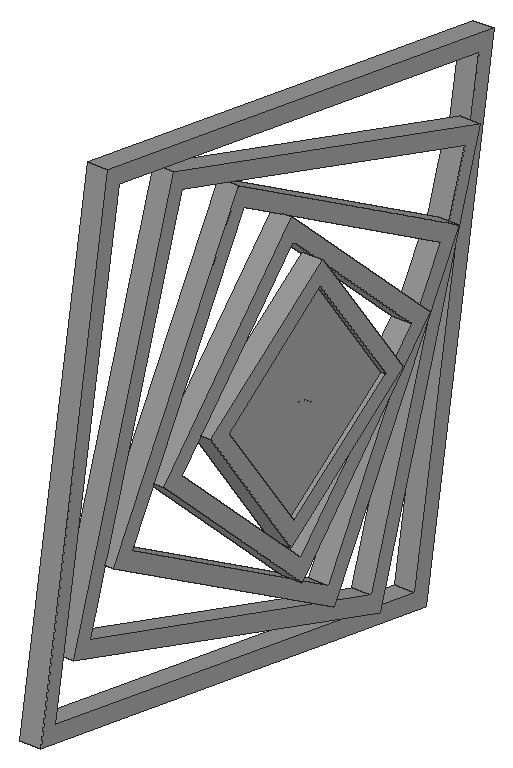
Revit family "Wall_Clock_79", category Planting, Revit 2020
Family settings
  OmniClass Number = 23.40.05.00
  OmniClass Title = Plants and Planting Products
  Work Plane-Based = No
  Always vertical = Yes
  Cut with Voids When Loaded = No
  Render Appearance Source = Family Geometry
  Shared = No
Parameters
  Height = 1 m
  Default Elevation = 0 m
Reference planes (m)
  plane 1 "Center (Front/Back)": y = 0
  plane 2: z = 0
  plane 3 "Center (Left/Right)": x = 0
Dimensions and locks (m)
  aligned and locked: level to plane 2
Nested families (m)
  nested 1: "Saat-5" at (0, 0, 0), type "Saat-5"
Definition of nested family "Saat-5"
  Parameters
    Height = 5.7912 m
    Default Elevation = 0 m
  Reference planes (m)
    plane 1 "Center (Front/Back)": y = 0
    plane 2: z = 0
    plane 3 "Center (Left/Right)": x = 0
  Forms (m)
    Extrusion 1, solid
      sketch origin (0, 0, 0) x (0, 1, 0) y (0, 0, 1)
        loop
          line (0.453172, 0.318726) -> (-0.320742, 0.455187) -> (-0.4572, -0.318725) -> (0.31671, -0.455187) -> (0.453172, 0.318726)
        loop
          line (0.423805, 0.298163) -> (-0.300179, 0.42582) -> (-0.427833, -0.298162) -> (0.296147, -0.42582) -> (0.423805, 0.298163)
      from 0 to 0.032195
    Extrusion 2, solid
      sketch origin (0, 0, 0) x (0, 1, 0) y (0, 0, 1)
        loop
          line (-0.209227, 0.408685) -> (-0.410342, -0.207234) -> (0.205577, -0.40835) -> (0.406692, 0.207569) -> (-0.209227, 0.408685)
        loop
          line (-0.378376, -0.191005) -> (0.189348, -0.376383) -> (0.374726, 0.19134) -> (-0.192997, 0.376718) -> (-0.378376, -0.191005)
      from 0.016098 to 0.048438
    Extrusion 3, solid
      sketch origin (0, 0, 0) x (0, 1, 0) y (0, 0, 1)
        loop
          line (0.342293, 0.096318) -> (-0.099398, 0.346155) -> (-0.349235, -0.095535) -> (0.092455, -0.345373) -> (0.342293, 0.096318)
        loop
          line (-0.089814, 0.31161) -> (-0.31469, -0.085951) -> (0.082871, -0.310827) -> (0.307747, 0.086734) -> (-0.089814, 0.31161)
      from 0.032195 to 0.06468
    Extrusion 4, solid
      sketch origin (0, 0, 0) x (0, 1, 0) y (0, 0, 1)
        loop
          line (0.264855, 0.010119) -> (-0.012146, 0.267678) -> (-0.269705, -0.009323) -> (0.007296, -0.266882) -> (0.264855, 0.010119)
        loop
          line (-0.010843, 0.231851) -> (-0.233878, -0.00802) -> (0.005993, -0.231055) -> (0.229028, 0.008816) -> (-0.010843, 0.231851)
      from 0.048438 to 0.080383
    Extrusion 5, solid
      sketch origin (0, 0, 0) x (0, 1, 0) y (0, 0, 1)
        loop
          line (0.191101, -0.031918) -> (0.030399, 0.193504) -> (-0.195024, 0.032802) -> (-0.034322, -0.192621) -> (0.191101, -0.031918)
        loop
          line (-0.159667, 0.026876) -> (-0.028396, -0.157263) -> (0.155744, -0.025992) -> (0.024472, 0.158147) -> (-0.159667, 0.026876)
      from 0.06468 to 0.096633
    Extrusion 6, solid, not visible
      sketch origin (0, 0, 0) x (-1, 0, 0) y (0, 0, 1)
        loop
          line (-0.083632, 0.095177) -> (-0.08448, 0.095177) -> (-0.08448, 0.083903) -> (-0.083632, 0.083903) -> (-0.083632, 0.095177)
      from -0.001634 to 0.001373
    Extrusion 7, solid
      sketch origin (0, 0, 0) x (1, 0, 0) y (0, 1, 0)
        loop
          line (0.083722, 0.001373) -> (0.083722, -0.001634) -> (0.084629, -0.001634) -> (0.084629, 0.001373) -> (0.083722, 0.001373)
      from 0.083903 to 0.095177
    Extrusion 8, solid
      sketch origin (0, 0.000695, -0.000146) x (1, 0, 0) y (0, 0.866605, 0.498994)
        loop
          line (0.083722, 0.001373) -> (0.083722, -0.001634) -> (0.084629, -0.001634) -> (0.084629, 0.001373) -> (0.083722, 0.001373)
      from 0.084224 to 0.095624
    Extrusion 9, solid
      sketch origin (0, 0.00095, 0.000674) x (1, 0, 0) y (0, 0.500596, 0.865681)
        loop
          line (0.083722, 0.001373) -> (0.083722, -0.001634) -> (0.084629, -0.001634) -> (0.084629, 0.001373) -> (0.083722, 0.001373)
      from 0.083887 to 0.095161
    Extrusion 10, solid
      sketch origin (0, 0.000915, 0.000933) x (1, 0, 0) y (0, 0.004446, 0.99999)
        loop
          line (0.083722, 0.001373) -> (0.083722, -0.001634) -> (0.084629, -0.001634) -> (0.084629, 0.001373) -> (0.083722, 0.001373)
      from 0.083772 to 0.095019
    Extrusion 11, solid
      sketch origin (0, 0.000597, 0.001723) x (1, 0, 0) y (0, -0.49943, 0.866354)
        loop
          line (0.083722, 0.001373) -> (0.083722, -0.001634) -> (0.084629, -0.001634) -> (0.084629, 0.001373) -> (0.083722, 0.001373)
      from 0.083551 to 0.094825
    Extrusion 12, solid
      sketch origin (0, -0.000025, 0.001745) x (1, 0, 0) y (0, -0.86625, 0.49961)
        loop
          line (0.083722, 0.001373) -> (0.083722, -0.001634) -> (0.084629, -0.001634) -> (0.084629, 0.001373) -> (0.083722, 0.001373)
      from 0.083208 to 0.094408
    Extrusion 13, solid
      sketch origin (0, -0.000681, 0.001828) x (1, 0, 0) y (0, -0.99999, -0.004419)
        loop
          line (0.083722, 0.001373) -> (0.083722, -0.001634) -> (0.084629, -0.001634) -> (0.084629, 0.001373) -> (0.083722, 0.001373)
      from 0.083208 to 0.094408
    Extrusion 14, solid
      sketch origin (0, -0.000746, 0.001824) x (1, 0, 0) y (0, -0.865508, -0.500895)
        loop
          line (0.083722, 0.001373) -> (0.083722, -0.001634) -> (0.084629, -0.001634) -> (0.084629, 0.001373) -> (0.083722, 0.001373)
      from 0.083497 to 0.094771
    Extrusion 15, solid
      sketch origin (0, -0.000926, 0.001824) x (1, 0, 0) y (0, -0.502364, -0.864656)
        loop
          line (0.083722, 0.001373) -> (0.083722, -0.001634) -> (0.084629, -0.001634) -> (0.084629, 0.001373) -> (0.083722, 0.001373)
      from 0.083497 to 0.094771
    Extrusion 16, solid
      sketch origin (0, -0.001475, 0.001179) x (1, 0, 0) y (0, -0.001056, -0.999999)
        loop
          line (0.083722, 0.001373) -> (0.083722, -0.001634) -> (0.084629, -0.001634) -> (0.084629, 0.001373) -> (0.083722, 0.001373)
      from 0.084018 to 0.095292
    Extrusion 17, solid
      sketch origin (0, -0.001108, 0.000867) x (1, 0, 0) y (0, 0.497062, -0.867715)
        loop
          line (0.083722, 0.001373) -> (0.083722, -0.001634) -> (0.084629, -0.001634) -> (0.084629, 0.001373) -> (0.083722, 0.001373)
      from 0.083822 to 0.094998
    Extrusion 18, solid
      sketch origin (0, -0.000763, 0.000814) x (1, 0, 0) y (0, 0.863548, -0.504267)
        loop
          line (0.083722, 0.001373) -> (0.083722, -0.001634) -> (0.084629, -0.001634) -> (0.084629, 0.001373) -> (0.083722, 0.001373)
      from 0.08333 to 0.094576
    Extrusion 19, solid
      sketch origin (0.096633, 0, 0) x (0, 1, 0) y (0, 0, 1)
        loop
          circle (-0.052063, 0.072137) r 0.0011
        loop
          circle (-0.059166, 0.066386) r 0.0011
        loop
          circle (-0.065595, 0.059949) r 0.0011
        loop
          circle (-0.071375, 0.0529) r 0.0011
        loop
          circle (-0.08055, 0.03667) r 0.0011
        loop
          circle (-0.083829, 0.028139) r 0.0011
        loop
          circle (-0.086181, 0.01935) r 0.0011
        loop
          circle (-0.087666, 0.010356) r 0.0011
        loop
          circle (-0.08749, -0.008222) r 0.0011
        loop
          circle (-0.086073, -0.017251) r 0.0011
        loop
          circle (-0.083723, -0.02604) r 0.0011
        loop
          circle (-0.08052, -0.034575) r 0.0011
        loop
          circle (-0.071048, -0.050718) r 0.0011
        loop
          circle (-0.065299, -0.057823) r 0.0011
        loop
          circle (-0.058863, -0.064253) r 0.0011
        loop
          circle (-0.051816, -0.070036) r 0.0011
        loop
          circle (-0.035574, -0.079214) r 0.0011
        loop
          circle (-0.027042, -0.082492) r 0.0011
        loop
          circle (-0.018253, -0.084841) r 0.0011
        loop
          circle (-0.009259, -0.086324) r 0.0011
        loop
          circle (0.009391, -0.08615) r 0.0011
        loop
          circle (0.018418, -0.084722) r 0.0011
        loop
          circle (0.027204, -0.082361) r 0.0011
        loop
          circle (0.035735, -0.079148) r 0.0011
        loop
          circle (0.051806, -0.069693) r 0.0011
        loop
          circle (0.058913, -0.063946) r 0.0011
        loop
          circle (0.065345, -0.057512) r 0.0011
        loop
          circle (0.07113, -0.050467) r 0.0011
        loop
          circle (0.080315, -0.034222) r 0.0011
        loop
          circle (0.083597, -0.025692) r 0.0011
        loop
          circle (0.08595, -0.016904) r 0.0011
        loop
          circle (0.087438, -0.00791) r 0.0011
        loop
          circle (0.070858, 0.053127) r 0.0011
        loop
          circle (0.06512, 0.060241) r 0.0011
        loop
          circle (0.058693, 0.06668) r 0.0011
        loop
          circle (0.051654, 0.072473) r 0.0011
        loop
          circle (0.035398, 0.081673) r 0.0011
        loop
          circle (0.026871, 0.084965) r 0.0011
        loop
          circle (0.018086, 0.087328) r 0.0011
        loop
          circle (0.009094, 0.088826) r 0.0011
        loop
          circle (-0.009661, 0.088661) r 0.0011
        loop
          circle (-0.01869, 0.087242) r 0.0011
        loop
          circle (-0.027479, 0.08489) r 0.0011
        loop
          circle (-0.036013, 0.081685) r 0.0011
        loop
          circle (0.087237, 0.010746) r 0.0011
        loop
          circle (0.085818, 0.019775) r 0.0011
        loop
          circle (0.083465, 0.028563) r 0.0011
        loop
          circle (0.08026, 0.037097) r 0.0011
      from -0.013016 to -0.01182
    Extrusion 20, solid
      sketch origin (0.084629, 0.00504, 0.007747) x (0, -0.500596, -0.865681) y (0, 0.865681, -0.500596)
        loop
          line (0.007618, -0.062723) -> (0.015435, 0.021122) -> (0.007694, 0.021526) -> (0.001865, -0.062296) -> (0.007618, -0.062723)
        loop
          line (0.007817, -0.005819) -> (0.004292, -0.054937) -> (0.006369, -0.054937) -> (0.010571, -0.005981) -> (0.007817, -0.005819)
      from 0.000811 to 0.00156
    Extrusion 21, solid
      sketch origin (0.084629, 0.00504, 0.007747) x (0, -0.500596, -0.865681) y (0, 0.865681, -0.500596)
        loop
          line (0.028072, -0.0142) -> (0.030816, -0.009551) -> (-0.06218, 0.042429) -> (-0.063723, 0.03959) -> (0.028072, -0.0142)
        loop
          line (-0.050912, 0.034113) -> (0.003651, 0.001286) -> (0.005091, 0.003679) -> (-0.050912, 0.034113)
      from 0.001587 to 0.002339
    Extrusion 22, solid
      sketch origin (0.084629, 0.00504, 0.007747) x (0, -0.500596, -0.865681) y (0, 0.865681, -0.500596)
        loop
          line (-0.048619, -0.040013) -> (0.035987, 0.015464) -> (0.034324, 0.018339) -> (-0.049016, -0.039325) -> (-0.048619, -0.040013)
      from 0.002329 to 0.003215
    Extrusion 23, solid
      sketch origin (0.084629, 0.00504, 0.007747) x (0, -0.500596, -0.865681) y (0, 0.865681, -0.500596)
        loop
          circle (0.008231, -0.001202) r 0.000793
      from 0.001017 to 0.003514
    Extrusion 24, solid
      sketch origin (0.088379, 0.00504, 0.007747) x (0, -0.500596, -0.865681) y (0, 0.865681, -0.500596)
        loop
          line (-0.139454, -0.05743) -> (0.066364, -0.151122) -> (0.159584, 0.053659) -> (-0.046235, 0.147351) -> (-0.139454, -0.05743)
      from 0 to 0.000163
  Dimensions and locks (m)
    aligned and locked: level to plane 2
